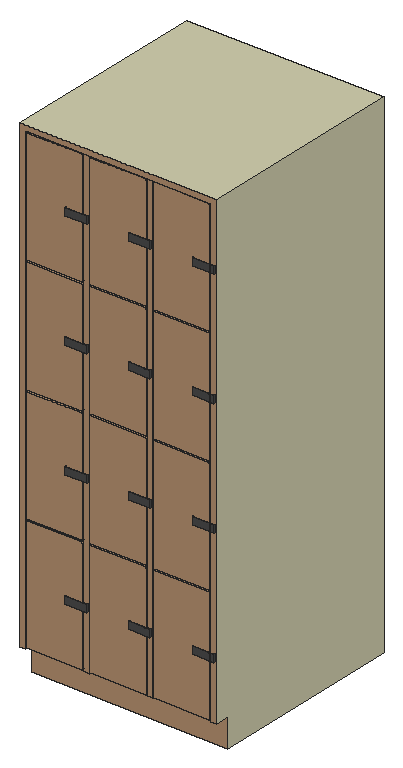
Revit family "Cabinet_Wenger_UltraStor_26", category Furniture, Revit 2015
Parameters (values of type "UltraStor Cabinet #26 - Comp Wood Doors")
  URL = "https://www.wengercorp.com/"
  Type Comments = ""
  Specification = "http://www.arcat.com/sdspecs/htm04/12_35_83wen.htm"
  Shelf Thickness = 0' - 1 1/8"
  Sales Information = "https://www.wengercorp.com/contact-us.php"
  Revision = "R1_2018-04"
  Rear Panel Thickness = 0' - 0 3/4"
  Product Data = "http://www.arcat.com/arcatcos/cos36/arc36487.html"
  Manufacturer Website = "https://www.wengercorp.com/"
  Manufacturer Phone - Toll Free = "800-4WENGER"
  Manufacturer Phone = "(507) 455-4100"
  Manufacturer Fax = "(507) 455-4258"
  Manufacturer Address = "555 Park Dr., Owatonna, MN 55060"
  Keynote = "12 35 83"
  HasDoors = yes
  Green Building-LEED = "http://www.arcat.com/green/clients/leed_data_36487.html"
  Drawn By = "Sumex Design, Inc. / Robert S. Weygant, CSI, CDT, SCIP"
  Door Width = (Cabinet Width - 0' 3") / 3  # 0' - 8.16667"
  Door Style = Door_Base : Solid Door
  Door Material [instance] = Wenger Cherry (Use Cherry Edge Band Only)
  Door Height = (Cabinet Height - 0' 4 3/4") / 4  # 1' - 4 1/4"
  Toe Kick Material [instance] = Wenger Cherry (Use Cherry Edge Band Only)
  RH End Panel [instance] = no
  Model = "#26"
  Manufacturer = "Wenger Corporation"
  LH End Panel [instance] = no
  End Panel Material [instance] = Wenger Cherry (Use Cherry Edge Band Only)
  Edge Banding Material [instance] = Wenger Cherry (Use Cherry Edge Band Only)
  Cost = 0
  Copyright = "© 2018 Arcat Inc."
  Construction Details = "http://www.arcat.com/details/wengerco/wengerco.html?coid=36487"
  Body Material [instance] = Wenger - Oyster
  Description = "Wenger UltraStor Cabinet #26 - Comp Wood Doors"
  Cabinet Width = 2' - 3 1/2"
  Cabinet Height = 5' - 9 3/4"
  Installed Depth = 2' - 5 1/4"
  Cabinet Panel Thickness = 0' - 0 3/4"
  Assembly Code = "E2010200"
Types (14): name | Rear Panel Thickness | HasDoors | Door Width | Door Style | Door Material | Model | Description | Cabinet Width | Installed Depth
  Acoustic Cabinet #26 - No Doors | 0' - 3 1/4" | no | 0' - 8.16667" | Door_Base : Solid Door | none | "#26A" | "Wenger Acoustic Cabinet #26 - No Doors" | 2' - 3 1/2" | 2' - 7 3/4"
  Narrow Acoustic Cabinet #26 - No Doors | 0' - 3 1/4" | no | 0' - 6.16667" | Door_Base : Solid Door | none | "#26NA" | "Wenger Narrow Acoustic Cabinet #26 - No Doors" | 1' - 9 1/2" | 2' - 7 3/4"
  Acoustic Cabinet #26 - Comp Waterfall Grille Doors | 0' - 3 1/4" | yes | 0' - 8.16667" | Door_Base : Waterfall | Painted Black | "#26A" | "Wenger Acoustic Cabinet #26 - Comp Waterfall Grille Doors" | 2' - 3 1/2" | 2' - 7 3/4"
  Acoustic Cabinet #26 - Comp Grille Doors | 0' - 3 1/4" | yes | 0' - 8.16667" | Door_Base : Bars | Painted Black | "#26A" | "Wenger Acoustic Cabinet #26 - Comp Grille Doors" | 2' - 3 1/2" | 2' - 7 3/4"
  Narrow Acoustic Cabinet #26 - Comp Waterfall Grille Doors | 0' - 3 1/4" | yes | 0' - 6.16667" | Door_Base : Waterfall | Painted Black | "#26NA" | "Wenger Narrow Acoustic Cabinet #26 - Comp Waterfall Grille Doors" | 1' - 9 1/2" | 2' - 7 3/4"
  Narrow Acoustic Cabinet #26 - Comp Grille Doors | 0' - 3 1/4" | yes | 0' - 6.16667" | Door_Base : Bars | Painted Black | "#26NA" | "Wenger Narrow Acoustic Cabinet #26 - Comp Grille Doors" | 1' - 9 1/2" | 2' - 7 3/4"
  Narrow UltraStor Cabinet #26 - Comp Wood Doors | 0' - 0 3/4" | yes | 0' - 6.16667" | Door_Base : Solid Door | Wenger Cherry (Use Cherry Edge Band Only) | "#26N" | "Wenger Narrow Cabinet #26 - Comp Wood Doors" | 1' - 9 1/2" | 2' - 5 1/4"
  UltraStor Cabinet #26 - Comp Waterfall Grille Doors | 0' - 0 3/4" | yes | 0' - 8.16667" | Door_Base : Waterfall | Painted Black | "#26" | "Wenger UltraStor Cabinet #26 - Comp Waterfall Grille Doors" | 2' - 3 1/2" | 2' - 5 1/4"
  UltraStor Cabinet #26 - No Doors | 0' - 0 3/4" | no | 0' - 8.16667" | Door_Base : Solid Door | none | "#26" | "Wenger UltraStor Cabinet #26 - No Doors" | 2' - 3 1/2" | 2' - 5 1/4"
  Narrow UltraStor Cabinet #26 - No Doors | 0' - 0 3/4" | no | 0' - 6.16667" | Door_Base : Solid Door | none | "#26N" | "Wenger Narrow Cabinet #26 - No Doors" | 1' - 9 1/2" | 2' - 5 1/4"
  Narrow UltraStor Cabinet #26 - Comp Waterfall Grille Doors | 0' - 0 3/4" | yes | 0' - 6.16667" | Door_Base : Waterfall | Painted Black | "#26N" | "Wenger Narrow Cabinet #26 - Comp Waterfall Grille Doors" | 1' - 9 1/2" | 2' - 5 1/4"
  Narrow UltraStor Cabinet #26 - Comp Grille Doors | 0' - 0 3/4" | yes | 0' - 6.16667" | Door_Base : Bars | Painted Black | "#26N" | "Wenger Narrow Cabinet #26 - Comp Grille Doors" | 1' - 9 1/2" | 2' - 5 1/4"
  UltraStor Cabinet #26 - Comp Wood Doors | 0' - 0 3/4" | yes | 0' - 8.16667" | Door_Base : Solid Door | Wenger Cherry (Use Cherry Edge Band Only) | "#26" | "Wenger UltraStor Cabinet #26 - Comp Wood Doors" | 2' - 3 1/2" | 2' - 5 1/4"
  UltraStor Cabinet #26 - Comp Grille Doors | 0' - 0 3/4" | yes | 0' - 8.16667" | Door_Base : Bars | Painted Black | "#26" | "Wenger UltraStor Cabinet #26 - Comp Grille Doors" | 2' - 3 1/2" | 2' - 5 1/4"
Reference planes (in)
  plane 1 "Front": y = 0
  plane 2: z = 0
  plane 3 "Left": x = 0
  plane 4 "Right": x = 27.5
  plane 5 "Back": y = 29.25
  plane 6 "Top": z = 69.75
  plane 7: z = 4
  plane 8: z = 20.25
  plane 9: z = 36.5
  plane 10: z = 52.75
  plane 11: x = 0.75
  plane 12: x = 26.75
  plane 13: z = 69
  plane 14: x = 8.91667
  plane 15: x = 9.66667
  plane 16: x = 17.83333
  plane 17: x = 18.58333
  plane 18: y = 28.5
  plane 19: y = 2
  plane 20: y = 0.75
  plane 21: z = 21.375
  plane 22: z = 37.625
  plane 23: z = 53.875
  plane 24: z = 5.125
Forms (in)
  Extrusion 1, solid, material "Wenger - Oyster" <- "Body Material"
    sketch origin (0, 0, 0) x (0, 1, 0) y (0, 0, 1)
      loop
        line (0, 69.75) -> (0, 4) -> (2, 4) -> (2, 0) -> (29.25, 0) -> (29.25, 69.75) -> (0, 69.75)
    from 0 to 27.5
  Extrusion 2, void
    sketch origin (0, 0, 0) x (0, 1, 0) y (0, 0, 1)
      loop
        line (0, 69) -> (0, 4) -> (0.75, 4)
        arc (0.75, 4) -> (1.15915, 4.80234) -> (2, 5.125) r 1.25694
        line (2, 5.125) -> (28.5, 5.125) -> (28.5, 20.25) -> (0.13105, 20.25)
        arc (0.13105, 20.25) -> (1.06124, 21.02491) -> (2.22019, 21.375) r 3.03781
        line (2.22019, 21.375) -> (28.5, 21.375) -> (28.5, 36.5) -> (1.42326, 36.5)
        arc (1.42326, 36.5) -> (1.12864, 37.18076) -> (1.72267, 37.625) r 0.59834
        line (1.72267, 37.625) -> (28.5, 37.625) -> (28.5, 52.75) -> (0.75, 52.75)
        arc (0.75, 52.75) -> (0.76505, 53.55555) -> (1.50469, 53.875) r 0.74395
        line (1.50469, 53.875) -> (28.5, 53.875) -> (28.5, 69) -> (0, 69)
    from 0.75 to 8.91667
  Extrusion 3, void
    sketch origin (0, 0, 0) x (0, 1, 0) y (0, 0, 1)
      loop
        line (0, 69) -> (0, 4) -> (0.75, 4)
        arc (0.75, 4) -> (1.18296, 4.77588) -> (2, 5.125) r 1.375
        line (2, 5.125) -> (28.5, 5.125) -> (28.5, 20.25) -> (0.75, 20.25)
        arc (0.75, 20.25) -> (1.18296, 21.02588) -> (2, 21.375) r 1.375
        line (2, 21.375) -> (28.5, 21.375) -> (28.5, 36.5) -> (0.75, 36.5)
        arc (0.75, 36.5) -> (1.18296, 37.27588) -> (2, 37.625) r 1.375
        line (2, 37.625) -> (28.5, 37.625) -> (28.5, 52.75) -> (0.75, 52.75)
        arc (0.75, 52.75) -> (1.18296, 53.52588) -> (2, 53.875) r 1.375
        line (2, 53.875) -> (28.5, 53.875) -> (28.5, 69) -> (0, 69)
    from 9.66667 to 17.83333
  Extrusion 4, void
    sketch origin (0, 0, 0) x (0, 1, 0) y (0, 0, 1)
      loop
        line (-5.5, 69) -> (-5.5, 4) -> (0.75, 4)
        arc (0.75, 4) -> (1.18296, 4.77588) -> (2, 5.125) r 1.375
        line (2, 5.125) -> (28.5, 5.125) -> (28.5, 20.25) -> (0.75, 20.25)
        arc (0.75, 20.25) -> (1.18296, 21.02588) -> (2, 21.375) r 1.375
        line (2, 21.375) -> (28.5, 21.375) -> (28.5, 36.5) -> (0.75, 36.5)
        arc (0.75, 36.5) -> (1.18296, 37.27588) -> (2, 37.625) r 1.375
        line (2, 37.625) -> (28.5, 37.625) -> (28.5, 52.75) -> (0.75, 52.75)
        arc (0.75, 52.75) -> (1.18296, 53.52588) -> (2, 53.875) r 1.375
        line (2, 53.875) -> (28.5, 53.875) -> (28.5, 69) -> (-5.5, 69)
    from 18.58333 to 26.75
  Extrusion 5, void
    sketch origin (0, 0, 0) x (0, 1, 0) y (0, 0, 1)
      loop
        line (0, 69) -> (0, 4) -> (0.0625, 4) -> (0.0625, 69) -> (0, 69)
    from 0.75 to 26.75
Cuts and joins
  Extrusion 2, Extrusion 3, Extrusion 4, Extrusion 5 cuts Extrusion 1
Lines and regions (in)
  Masking region 1
    outline origin (0, 0, 0) x (1, 0, 0) y (0, 1, 0)
      loop
        line (0, 29.25) -> (0, 0) -> (27.5, 0) -> (27.5, 29.25) -> (0, 29.25)
Dimensions and locks (in)
  "Cabinet Panel Thickness": plane 3 "Left" to plane 11
  "Cabinet Panel Thickness": plane 12 to plane 4 "Right"
  "Cabinet Panel Thickness": plane 5 "Back" to plane 18
  locked: plane 1 "Front" to plane 20 at 0.75
  locked: plane 1 "Front" to plane 19 at 2
  "Shelf Thickness": plane 21 to plane 8
  "Shelf Thickness": plane 22 to plane 9
  "Shelf Thickness": plane 23 to plane 10
  "Cabinet Panel Thickness": plane 6 "Top" to plane 13
  "Shelf Thickness": plane 24 to plane 7
  "Cabinet Width": plane 3 "Left" to plane 4 "Right"
  locked: plane 7 to level at 4
  "Cabinet Height": plane 6 "Top" to level
  "Installed Depth": plane 1 "Front" to plane 5 "Back"
  "Door Width": plane 14 to plane 11
  "Door Width": plane 16 to plane 15
  "Door Width": plane 12 to plane 17
  plane 3 "Left" to plane 4 "Right" = 2' - 3 1/2"
  locked: plane 17 to plane 16 at 0.75
  equal spacing: plane 15, nested 2, plane 16
  equal spacing: plane 5 "Back", nested 2, plane 1 "Front"
  equal spacing: plane 13, plane 10, plane 9, plane 8, plane 7
  aligned and locked: Extrusion 1 sketch curve to plane 6 "Top"
  aligned and locked: Extrusion 1 sketch curve to plane 5 "Back"
  aligned and locked: Extrusion 1 sketch curve to plane 1 "Front"
  aligned and locked: Extrusion 1 sketch curve to plane 7
  aligned and locked: Extrusion 1 sketch curve to plane 19
  aligned and locked: Extrusion 1 sketch curve to level
  aligned and locked: Extrusion 1 to plane 4 "Right"
  aligned and locked: Extrusion 1 to plane 3 "Left"
  aligned and locked: Extrusion 2 sketch curve to plane 13
  aligned and locked: Extrusion 2 sketch curve to plane 18
  aligned and locked: Extrusion 2 sketch curve to plane 10
  aligned and locked: Extrusion 2 sketch curve to plane 22
  aligned and locked: Extrusion 2 sketch curve to plane 9
  aligned and locked: Extrusion 2 sketch curve to plane 21
  aligned and locked: Extrusion 2 sketch curve to plane 8
  aligned and locked: Extrusion 2 sketch curve to plane 24
  aligned and locked: Extrusion 2 sketch curve to plane 23
  aligned and locked: Extrusion 2 to plane 11
  aligned and locked: plane 14 to Extrusion 2
  aligned and locked: plane 16 to Extrusion 3
  aligned and locked: Extrusion 3 to plane 15
  aligned and locked: Extrusion 4 to plane 12
  aligned and locked: Extrusion 4 to plane 17
  aligned and locked: Extrusion 5 sketch curve to cut or joined group of Extrusion 1, Extrusion 2, Extrusion 3, Extrusion 4, Extrusion 5  (x3)
  aligned and locked: Extrusion 5 to plane 12
  aligned and locked: Extrusion 5 to plane 11
  aligned and locked: nested 3 to plane 11
  aligned and locked: plane 14 to nested 3
  aligned and locked: nested 3 to plane 10
  aligned and locked: nested 4 to plane 10
  aligned and locked: nested 4 to plane 15
  aligned and locked: plane 16 to nested 4
  aligned and locked: cut or joined group of Extrusion 1, Extrusion 2, Extrusion 3, Extrusion 4, Extrusion 5 to plane 17
  aligned and locked: cut or joined group of Extrusion 1, Extrusion 2, Extrusion 3, Extrusion 4, Extrusion 5 to plane 12
  aligned and locked: nested 5 to plane 10
  aligned and locked: plane 10 to cut or joined group of Extrusion 1, Extrusion 2, Extrusion 3, Extrusion 4, Extrusion 5  (x2)
  aligned and locked: nested 8 to plane 9
  aligned and locked: nested 7 to plane 9
  aligned and locked: nested 6 to plane 9
  aligned and locked: plane 9 to cut or joined group of Extrusion 1, Extrusion 2, Extrusion 3, Extrusion 4, Extrusion 5
  aligned and locked: nested 9 to plane 8
  aligned and locked: nested 10 to plane 8
  aligned and locked: nested 11 to plane 8
  aligned and locked: nested 14 to plane 12
  aligned and locked: nested 11 to plane 12
  aligned and locked: nested 8 to plane 12
  aligned and locked: nested 5 to plane 12
  aligned and locked: nested 5 to plane 17
  aligned and locked: nested 8 to plane 17
  aligned and locked: nested 11 to plane 17
  aligned and locked: nested 14 to plane 17
  aligned and locked: plane 16 to cut or joined group of Extrusion 1, Extrusion 2, Extrusion 3, Extrusion 4, Extrusion 5
  aligned and locked: plane 16 to nested 10
  aligned and locked: plane 16 to nested 7
  aligned and locked: nested 10 to plane 15
  aligned and locked: nested 7 to plane 15
  aligned and locked: nested 13 to plane 15
  aligned and locked: plane 14 to nested 12
  aligned and locked: plane 14 to nested 9
  aligned and locked: plane 14 to nested 6
  aligned and locked: nested 6 to plane 11
  aligned and locked: nested 9 to plane 11
  aligned and locked: nested 12 to plane 11
  aligned and locked: plane 7 to cut or joined group of Extrusion 1, Extrusion 2, Extrusion 3, Extrusion 4, Extrusion 5
  aligned and locked: nested 13 to plane 7
  aligned and locked: nested 14 to plane 7
  aligned and locked: nested 12 to plane 7
  aligned and locked: plane 20 to Extrusion 2 sketch curve
  aligned and locked: plane 1 "Front" to nested 15
  aligned and locked: nested 15 to level
  aligned and locked: nested 15 to plane 4 "Right"
  aligned and locked: Masking region 1 sketch curve to plane 5 "Back"
  aligned and locked: Masking region 1 sketch curve to plane 1 "Front"
  aligned and locked: plane 3 "Left" to Masking region 1 sketch curve
  aligned and locked: plane 4 "Right" to Masking region 1 sketch curve
  aligned and locked: plane 1 "Front" to Extrusion 2
  aligned and locked: plane 1 "Front" to Extrusion 3
Automatic sketch dimensions
  Extrusion 3 sketch curve to plane 13 = 0' - 0"
  Extrusion 3 sketch curve to plane 7 = 0' - 0"
  Extrusion 3 sketch curve to plane 20 = 0' - 0"  (x4)
  Extrusion 3 sketch curve to plane 10 = 0' - 0"
  Extrusion 3 sketch curve to plane 8 = 0' - 0"
  Extrusion 3 sketch curve to plane 9 = 0' - 0"
  Extrusion 3 sketch curve to plane 19 = 0' - 0"  (x4)
  Extrusion 3 sketch curve to plane 18 = 0' - 0"  (x4)
  Extrusion 3 sketch curve to plane 24 = 0' - 0"
  Extrusion 3 sketch curve to plane 21 = 0' - 0"
  Extrusion 3 sketch curve to plane 22 = 0' - 0"
  Extrusion 3 sketch curve to plane 23 = 0' - 0"
  plane 1 "Front" to Extrusion 3 sketch curve = 0' - 0"
  Extrusion 3 sketch curve to plane 19 = 0' - 0.10279"  (x4)
  Extrusion 4 sketch curve to plane 13 = 0' - 0"
  Extrusion 4 sketch curve to plane 7 = 0' - 0"
  Extrusion 4 sketch curve to plane 20 = 0' - 0"  (x4)
  Extrusion 4 sketch curve to plane 10 = 0' - 0"
  Extrusion 4 sketch curve to plane 8 = 0' - 0"
  Extrusion 4 sketch curve to plane 9 = 0' - 0"
  Extrusion 4 sketch curve to plane 19 = 0' - 0"  (x4)
  Extrusion 4 sketch curve to plane 18 = 0' - 0"  (x4)
  Extrusion 4 sketch curve to plane 24 = 0' - 0"
  Extrusion 4 sketch curve to plane 21 = 0' - 0"
  Extrusion 4 sketch curve to plane 22 = 0' - 0"
  Extrusion 4 sketch curve to plane 23 = 0' - 0"
  plane 1 "Front" to Extrusion 4 sketch curve = 0' - 5 1/2"
  Extrusion 4 sketch curve to plane 19 = 0' - 0.10279"  (x4)
  plane 20 to Extrusion 5 sketch curve = 0' - 0 11/16"
  Extrusion 2 sketch curve to plane 7 = 0' - 0"
  plane 20 to Extrusion 2 sketch curve = 0' - 0.61895"
  Extrusion 2 sketch curve to plane 19 = 0' - 0"
  Extrusion 2 sketch curve to plane 19 = 0' - 0.22019"
  Extrusion 2 sketch curve to plane 18 = 0' - 0"  (x3)
  plane 1 "Front" to Extrusion 2 sketch curve = 0' - 0"
  Extrusion 2 sketch curve to plane 19 = 0' - 0.50154"
  Extrusion 2 sketch curve to plane 20 = 0' - 0"
  Extrusion 2 sketch curve to plane 20 = 0' - 0.67326"
  plane 19 to Extrusion 2 sketch curve = 0' - 0 71/256"
  plane 19 to Extrusion 2 sketch curve = 0' - 0.49531"
  plane 19 to Extrusion 2 sketch curve = 0' - 0.61714"
  plane 19 to Extrusion 2 sketch curve = 0' - 0.29314"
Nested families (in)
  nested 1: "End Panel" at (0, 14.25, 0) x (0, -1, 0) z (0, 0, 1), End Panel Material <- "End Panel Material", visible <- "LH End Panel", Edge Banding Material <- "Edge Banding Material", type "End Panel"
    with End Panel Material Wenger Cherry (Use Cherry Edge Band Only), Edge Banding Material Wenger Cherry (Use Cherry Edge Band Only), End Panel Height 5' - 9 3/4", End Panel Depth 2' - 5 1/4"
  nested 2: "Labels" at (13.75, 14.625, 0), type "Labels"
  nested 3: "Door_Base" at (4.83333, 0, 52.75) x (1, 0, 0) z (0, -1, 0), type <- "Door Style", Height <- "Door Height", Width <- "Door Width", visible <- "HasDoors", type "Solid Door", detail levels medium+fine
    with vBars 6, Width 0' - 8.16667", ToeKick Height 0' - 4", MidBar no, Height 1' - 4 1/4", BarHt 1' - 3 3/4", 2HzBars no
  nested 4: "Door_Base" at (13.75, 0, 52.75) x (1, 0, 0) z (0, -1, 0), type <- "Door Style", Height <- "Door Height", Width <- "Door Width", visible <- "HasDoors", type "Solid Door", detail levels medium+fine
    with vBars 6, Width 0' - 8.16667", ToeKick Height 0' - 4", MidBar no, Height 1' - 4 1/4", BarHt 1' - 3 3/4", 2HzBars no
  nested 5: "Door_Base" at (22.66667, 0, 52.75) x (1, 0, 0) z (0, -1, 0), type <- "Door Style", Height <- "Door Height", Width <- "Door Width", visible <- "HasDoors", type "Solid Door", detail levels medium+fine
    with vBars 6, Width 0' - 8.16667", ToeKick Height 0' - 4", MidBar no, Height 1' - 4 1/4", BarHt 1' - 3 3/4", 2HzBars no
  nested 6: "Door_Base" at (4.83333, 0, 36.5) x (1, 0, 0) z (0, -1, 0), type <- "Door Style", Height <- "Door Height", Width <- "Door Width", visible <- "HasDoors", type "Solid Door", detail levels medium+fine
    with vBars 6, Width 0' - 8.16667", ToeKick Height 0' - 4", MidBar no, Height 1' - 4 1/4", BarHt 1' - 3 3/4", 2HzBars no
  nested 7: "Door_Base" at (13.75, 0, 36.5) x (1, 0, 0) z (0, -1, 0), type <- "Door Style", Height <- "Door Height", Width <- "Door Width", visible <- "HasDoors", type "Solid Door", detail levels medium+fine
    with vBars 6, Width 0' - 8.16667", ToeKick Height 0' - 4", MidBar no, Height 1' - 4 1/4", BarHt 1' - 3 3/4", 2HzBars no
  nested 8: "Door_Base" at (22.66667, 0, 36.5) x (1, 0, 0) z (0, -1, 0), type <- "Door Style", Height <- "Door Height", Width <- "Door Width", visible <- "HasDoors", type "Solid Door", detail levels medium+fine
    with vBars 6, Width 0' - 8.16667", ToeKick Height 0' - 4", MidBar no, Height 1' - 4 1/4", BarHt 1' - 3 3/4", 2HzBars no
  nested 9: "Door_Base" at (4.83333, 0, 20.25) x (1, 0, 0) z (0, -1, 0), type <- "Door Style", Height <- "Door Height", Width <- "Door Width", visible <- "HasDoors", type "Solid Door", detail levels medium+fine
    with vBars 6, Width 0' - 8.16667", ToeKick Height 0' - 4", MidBar no, Height 1' - 4 1/4", BarHt 1' - 3 3/4", 2HzBars no
  nested 10: "Door_Base" at (13.75, 0, 20.25) x (1, 0, 0) z (0, -1, 0), type <- "Door Style", Height <- "Door Height", Width <- "Door Width", visible <- "HasDoors", type "Solid Door", detail levels medium+fine
    with vBars 6, Width 0' - 8.16667", ToeKick Height 0' - 4", MidBar no, Height 1' - 4 1/4", BarHt 1' - 3 3/4", 2HzBars no
  nested 11: "Door_Base" at (22.66667, 0, 20.25) x (1, 0, 0) z (0, -1, 0), type <- "Door Style", Height <- "Door Height", Width <- "Door Width", visible <- "HasDoors", type "Solid Door", detail levels medium+fine
    with vBars 6, Width 0' - 8.16667", ToeKick Height 0' - 4", MidBar no, Height 1' - 4 1/4", BarHt 1' - 3 3/4", 2HzBars no
  nested 12: "Door_Base" at (4.83333, 0, 4) x (1, 0, 0) z (0, -1, 0), type <- "Door Style", Height <- "Door Height", Width <- "Door Width", visible <- "HasDoors", type "Solid Door", detail levels medium+fine
    with vBars 6, Width 0' - 8.16667", ToeKick Height 0' - 4", MidBar no, Height 1' - 4 1/4", BarHt 1' - 3 3/4", 2HzBars no
  nested 13: "Door_Base" at (13.75, 0, 4) x (1, 0, 0) z (0, -1, 0), type <- "Door Style", Height <- "Door Height", Width <- "Door Width", visible <- "HasDoors", type "Solid Door", detail levels medium+fine
    with vBars 6, Width 0' - 8.16667", ToeKick Height 0' - 4", MidBar no, Height 1' - 4 1/4", BarHt 1' - 3 3/4", 2HzBars no
  nested 14: "Door_Base" at (22.66667, 0, 4) x (1, 0, 0) z (0, -1, 0), type <- "Door Style", Height <- "Door Height", Width <- "Door Width", visible <- "HasDoors", type "Solid Door", detail levels medium+fine
    with vBars 6, Width 0' - 8.16667", ToeKick Height 0' - 4", MidBar no, Height 1' - 4 1/4", BarHt 1' - 3 3/4", 2HzBars no
  nested 15: "End Panel" at (28.25, 14.25, 0) x (0, -1, 0) z (0, 0, 1), End Panel Material <- "End Panel Material", Edge Banding Material <- "Edge Banding Material", visible <- "RH End Panel", type "End Panel"
    with End Panel Material Wenger Cherry (Use Cherry Edge Band Only), Edge Banding Material Wenger Cherry (Use Cherry Edge Band Only), End Panel Height 5' - 9 3/4", End Panel Depth 2' - 5 1/4"
Definition of nested family "End Panel"
  Parameters (values of type "End Panel")
    End Panel Material [instance] = none
    End Panel Height = 7' - 1 5/8"
    End Panel Depth = 1' - 9 3/4"
    Edge Banding Material [instance] = none
    Default Elevation = 4' - 0"
    Assembly Code = ""
  Reference planes (in)
    plane 1 "Center (Front/Back)": y = 0
    plane 2: z = 0
    plane 3 "Center (Left/Right)": x = 0
    plane 4: x = -15
    plane 5: x = 6.75
    plane 6: z = 4
    plane 7: x = 4.75
    plane 8: z = 85.625
    plane 9: y = -0.75
  Forms (in)
    Extrusion 1, solid, material <- "End Panel Material"
      sketch origin (0, 0, 0) x (1, 0, 0) y (0, 0, 1)
        loop
          line (-15, 85.625) -> (-15, 0) -> (4.75, 0) -> (4.75, 4) -> (6.75, 4) -> (6.75, 85.625) -> (-15, 85.625)
      from 0 to 0.75
  Lines and regions (in)
    Masking region 1, detail levels coarse+medium
      outline origin (0, 0, 0) x (1, 0, 0) y (0, 1, 0)
        loop
          line (-15, 0) -> (-15, -0.75) -> (6.75, -0.75) -> (6.75, 0) -> (-15, 0)
  Dimensions and locks (in)
    locked: plane 7 to plane 5 at 2
    locked: plane 6 to level at 4
    "End Panel Height": plane 8 to level
    "End Panel Depth": plane 5 to plane 4
    locked: plane 9 to plane 1 "Center (Front/Back)" at 0.75
    aligned and locked: plane 4 to Extrusion 1 sketch curve
    aligned and locked: level to Extrusion 1 sketch curve
    aligned and locked: plane 7 to Extrusion 1 sketch curve
    aligned and locked: plane 6 to Extrusion 1 sketch curve
    aligned and locked: Extrusion 1 sketch curve to plane 5
    aligned and locked: Extrusion 1 sketch curve to plane 8
    aligned and locked: Extrusion 1 to plane 9
    aligned and locked: Extrusion 1 to plane 1 "Center (Front/Back)"
    aligned and locked: plane 4 to Masking region 1 sketch curve
    aligned and locked: Masking region 1 sketch curve to plane 5
    aligned and locked: plane 1 "Center (Front/Back)" to Masking region 1 sketch curve
    aligned and locked: plane 9 to Masking region 1 sketch curve
Definition of nested family "Door_Base"
  Parameters (values of type "None")
    vBars [instance] = (Width - 0' 2") / 0' 1"  # 6
    Width [instance] = 0' - 8"
    ToeKick Height [instance] = 0' - 4"
    Thickness = 0' - 0 3/4"
    Solid Door = no
    Shelf Thickness = 0' - 0 3/4"
    Panel Thickness = 0' - 0 3/4"
    MidBar [instance] = and(Height < 1' 6", HasDoor, not(Solid Door))  # no
    Height [instance] = 1' - 2 5/8"
    HasDoor = no
    Edge Banding = none
    DoorGap = 0' - 0 1/8"
    Door Finish = none
    Depth = 2' - 0"
    Default Elevation = 4' - 0"
    Bars = no
    BarStyle = Bars : Waterfall
    BarHt [instance] = Height - 0' 0 1/2"  # 1' - 2 1/8"
    2HzBars [instance] = and(Height > 1' 6", not(Solid Door))  # no
  Types (4): name | Thickness | Solid Door | MidBar | HasDoor | Bars | BarStyle
    Solid Door | 0' - 0 3/4" | yes | no | yes | no | Bars : Waterfall
    Bars | 0' - 0 1/4" | no | yes | yes | yes | Bars : Straight
    Waterfall | 0' - 0 3/4" | no | yes | yes | yes | Bars : Waterfall
    None | 0' - 0 3/4" | no | no | no | no | Bars : Waterfall
  Reference planes (in)
    plane 1 "Center (Front/Back)": y = 0
    plane 2: z = 0
    plane 3 "Center (Left/Right)": x = 0
    plane 4: x = -4
    plane 5: y = 14.625
    plane 6: x = 4
    plane 7: z = -0.75
    plane 8: x = -3.875
    plane 9: x = 3.875
    plane 10: y = 0.125
    plane 11: y = 14.5
    plane 12: y = -0.75
    plane 13 "CL Elev": y = 7.3125
    plane 14: x = -3.75
    plane 15: x = 3.75
    plane 16 "BtmRail": y = 0.25
    plane 17: y = 14.375
    plane 18: z = -0.125
    plane 19: x = -2.75
    plane 20: x = 2.75
    plane 21: y = 9.66667
    plane 22: y = 4.95833
  Forms (in)
    Extrusion 1, solid, material <- "Door Finish", visible <- "Solid Door", detail levels medium+fine
      sketch origin (0, 0, 0) x (1, 0, 0) y (0, 1, 0)
        loop
          arc (-3.75, 14.5) -> (-3.83839, 14.46339) -> (-3.875, 14.375) r 0.125
          line (-3.875, 14.375) -> (-3.875, 0.25)
          arc (-3.875, 0.25) -> (-3.83839, 0.16161) -> (-3.75, 0.125) r 0.125
          line (-3.75, 0.125) -> (3.75, 0.125)
          arc (3.75, 0.125) -> (3.83839, 0.16161) -> (3.875, 0.25) r 0.125
          line (3.875, 0.25) -> (3.875, 14.375)
          arc (3.875, 14.375) -> (3.83839, 14.46339) -> (3.75, 14.5) r 0.125
          line (3.75, 14.5) -> (-3.75, 14.5)
      from 0 to -0.75
    Sweep 2, solid, material <- "Door Finish", visible <- "Bars", detail levels medium+fine
      path origin (0, 0, 0) x (1, 0, 0) y (0, 1, 0)
        loop
          arc (-3.125, 14.5) -> (-3.65533, 14.28033) -> (-3.875, 13.75) r 0.75
          line (-3.875, 13.75) -> (-3.875, 0.875)
          arc (-3.875, 0.875) -> (-3.65533, 0.34467) -> (-3.125, 0.125) r 0.75
          line (-3.125, 0.125) -> (3.125, 0.125)
          arc (3.125, 0.125) -> (3.65533, 0.34467) -> (3.875, 0.875) r 0.75
          line (3.875, 0.875) -> (3.875, 13.75)
          arc (3.875, 13.75) -> (3.65533, 14.28033) -> (3.125, 14.5) r 0.75
          line (3.125, 14.5) -> (-3.125, 14.5)
      profile origin (0, 14.5, 0) x (0, 1, 0) y (0, 0, 1)
        loop
          circle (-0.125, -0.125) r 0.125
    Extrusion 3, solid, material <- "Door Finish", visible <- "MidBar", detail levels medium+fine
      sketch origin (0, 0, 0) x (0, 1, 0) y (0, 0, 1)
        loop
          circle (7.3125, -0.125) r 0.125
      from -3.75 to 3.75
    Extrusion 4, solid, visible <- "HasDoor", detail levels fine
      sketch origin (0, 0, 0) x (1, 0, 0) y (0, 1, 0)
        loop
          line (1.5, 7.8125) -> (1.5, 6.8125) -> (4.5, 6.8125) -> (4.5, 7.8125) -> (1.5, 7.8125)
      from 0 to 0.125
    Extrusion 5, solid, material <- "Door Finish", visible <- "2HzBars", detail levels medium+fine
      sketch origin (0, 0, 0) x (0, 1, 0) y (0, 0, 1)
        loop
          circle (9.66667, -0.125) r 0.125
        loop
          circle (4.95833, -0.125) r 0.125
      from -3.75 to 3.75
  Lines and regions (in)
    symbolic lines, visible <- "HasDoor", detail levels medium+fine
      curve 1: line (4, 0.25, 0) -> (-4, 0.25, 0)
      curve 2: line (-4, 0.25, 0) -> (-4, 0.25, 8)
      curve 3: arc (4, 0.25, 0) -> (1.65685, 0.25, 5.65685) -> (-4, 0.25, 8) r 8
    symbolic lines, visible <- "HasDoor"
      curve 4: line (3.875, 0.25, 0) -> (3.875, 0.25, -0.75)
      curve 5: line (3.875, 0.25, -0.75) -> (-3.875, 0.25, -0.75)
      curve 6: line (-3.875, 0.25, -0.75) -> (-3.875, 0.25, 0)
    symbolic lines, detail levels medium
      curve 7: line (3.875, 14.5, 0) -> (-3.875, 7.3125, 0)
      curve 8: line (-3.875, 7.3125, 0) -> (3.875, 0.125, 0)
  Dimensions and locks (in)
    "Height": plane 1 "Center (Front/Back)" to plane 5
    "Thickness": level to plane 7
    equal spacing: plane 4, plane 3 "Center (Left/Right)", plane 6
    "Width": plane 4 to plane 6
    "DoorGap": plane 5 to plane 11
    "DoorGap": plane 9 to plane 6
    "DoorGap": plane 4 to plane 8
    "DoorGap": plane 1 "Center (Front/Back)" to plane 10
    "Shelf Thickness": plane 1 "Center (Front/Back)" to plane 12
    equal spacing: plane 1 "Center (Front/Back)", plane 13 "CL Elev", plane 5
    locked: plane 15 to plane 9 at 0.125
    locked: plane 8 to plane 14 at 0.125
    locked: plane 11 to plane 17 at 0.125
    locked: plane 16 "BtmRail" to plane 10 at 0.125
    locked: level to plane 18 at 0.125
    plane 19 to plane 14 = 0' - 1"
    locked: plane 15 to plane 20 at 1
    Extrusion 4 sketch curve to plane 13 "CL Elev" to Extrusion 4 sketch curve = 0' - 0 1/2" locked, 0' - 0 1/2" locked
    locked: plane 6 to Extrusion 4 sketch curve at 0.5
    locked: Extrusion 4 sketch curve to plane 6 at 2.5
    locked: Extrusion 4 to level at 0.125
    equal spacing: group 1, group 3, group 4, group 5, group 6, group 2  (x3)
    equal spacing: plane 17, plane 21, plane 22, plane 16 "BtmRail"
    "Width": radius of curve 3
    aligned and locked: plane 2 to level
    aligned and locked: Extrusion 1 sketch curve to plane 11
    aligned and locked: plane 8 to Extrusion 1 sketch curve
    aligned and locked: Extrusion 1 sketch curve to plane 9
    aligned and locked: plane 10 to Extrusion 1 sketch curve
    aligned and locked: Extrusion 1 to plane 7
    aligned and locked: level to Extrusion 1
    aligned and locked: Sweep 2 sketch curve to plane 11
    aligned and locked: plane 8 to Sweep 2 sketch curve
    aligned and locked: plane 10 to Sweep 2 sketch curve
    aligned and locked: Sweep 2 sketch curve to plane 9
    aligned and locked: plane 15 to Extrusion 3
    aligned and locked: Extrusion 3 to plane 14
    aligned and locked: plane 20 to nested 2
    aligned and locked: plane 19 to nested 1
    aligned and locked: plane 21 to Extrusion 5 sketch curve
    aligned and locked: plane 18 to Extrusion 5 sketch curve  (x2)
    aligned and locked: plane 22 to Extrusion 5 sketch curve
    aligned and locked: Extrusion 5 to Extrusion 3  (x2)
    aligned and locked: plane 4 to curve 3  (x2)
    aligned and locked: level to curve 3
    aligned and locked: plane 7 to curve 5
    aligned and locked: Extrusion 1 to plane 8
    aligned and locked: plane 9 to Extrusion 1
    aligned and locked: plane 10 to curve 8
    aligned and locked: plane 9 to curve 8
    aligned and locked: plane 13 "CL Elev" to curve 8
    aligned and locked: plane 11 to curve 7
    aligned and locked: plane 9 to curve 7
  Automatic sketch dimensions
    plane 8 to Sweep 2 sketch curve = 0' - 0 3/4"  (x2)
    Sweep 2 sketch curve to plane 9 = 0' - 0 3/4"
    Sweep 2 sketch curve to Sweep 2 sketch curve = 0' - 0 3/4"
    Sweep 2 sketch curve to level = 0' - 0 1/8"
    profile plane to Sweep 2 sketch curve = 0' - 0 1/8"
    Extrusion 3 sketch curve to level = 0' - 0 1/8"
    Extrusion 3 sketch curve to plane 13 "CL Elev" = 0' - 0"
    curve 8 to plane 8 = 0' - 0"
    Extrusion 1 sketch curve to plane 14 = 0' - 0"  (x2)
    Extrusion 1 sketch curve to plane 15 = 0' - 0"  (x2)
    curve 5 to plane 9 = 0' - 0"
    curve 6 to plane 8 = 0' - 0"
    radius of Sweep 2 sketch curve = 0' - 0 1/8"
    radius of Extrusion 3 sketch curve = 0' - 0 1/8"
    radius of Extrusion 5 sketch curve = 0' - 0 1/8"  (x2)
  Nested families (in)
    nested 1: "Bars" at (-2.75, 0.25, -0.125) x (1, 0, 0) z (0, 1, 0), type <- "BarStyle", visible <- "Bars", type "Waterfall", detail levels fine
      with Lateral Deviation 0' - 1", Height 1' - 2 1/8"
    nested 2: "Bars" at (2.75, 0.25, -0.125) x (1, 0, 0) z (0, 1, 0), type <- "BarStyle", visible <- "Bars", type "Waterfall", detail levels fine
      with Lateral Deviation 0' - 1", Height 1' - 2 1/8"
    nested 3: "Bars" at (-1.65, 0.25, -0.125) x (1, 0, 0) z (0, 1, 0), type <- "BarStyle", visible <- "Bars", type "Waterfall", detail levels fine
      with Lateral Deviation 0' - 1", Height 1' - 2 1/8"
    nested 4: "Bars" at (-0.55, 0.25, -0.125) x (1, 0, 0) z (0, 1, 0), type <- "BarStyle", visible <- "Bars", type "Waterfall", detail levels fine
      with Lateral Deviation 0' - 1", Height 1' - 2 1/8"
    nested 5: "Bars" at (0.55, 0.25, -0.125) x (1, 0, 0) z (0, 1, 0), type <- "BarStyle", visible <- "Bars", type "Waterfall", detail levels fine
      with Lateral Deviation 0' - 1", Height 1' - 2 1/8"
    nested 6: "Bars" at (1.65, 0.25, -0.125) x (1, 0, 0) z (0, 1, 0), type <- "BarStyle", visible <- "Bars", type "Waterfall", detail levels fine
      with Lateral Deviation 0' - 1", Height 1' - 2 1/8"
  Definition of nested family "Bars"
    Parameters (values of type "Straight")
      WaterFall = no
      Straight = yes
      Lateral Deviation = 0' - 1 1/2"
      Height = 1' - 2 5/8"
      Default Elevation = 4' - 0"
      Bars = none
    Types (3): name | WaterFall | Straight
      (no name) | no | yes
      Waterfall | yes | no
      Straight | no | yes
    Reference planes (in)
      plane 1 "Center (Front/Back)": y = 0
      plane 2: z = 0
      plane 3 "Center (Left/Right)": x = 0
      plane 4: z = 14.625
      plane 5: z = 7.3125
      plane 6: x = 0.75
      plane 7: x = -0.75
      plane 8: z = 10.96875
      plane 9: z = 3.65625
    Forms (in)
      Sweep 1, solid, material <- "Bars", visible <- "WaterFall"
        path origin (0, 0, 0) x (1, 0, 0) y (0, 0, 1)
          loop
            arc (0, 0) -> (0.56057, 1.79006) -> (0.75, 3.65625) r 9.28711
            arc (0.75, 3.65625) -> (0.56057, 5.52244) -> (0, 7.3125) r 9.28711
        profile origin (0.56057, 0, 1.79006) x (-0.979603, 0, 0.200944) y (0, -1, 0)
          loop
            circle (0, 0) r 0.0625
      Sweep 2, solid, material <- "Bars", visible <- "WaterFall"
        path origin (0, 0, 14.625) x (-1, 0, 0) y (0, 0, -1)
          loop
            arc (0, 0) -> (0.56057, 1.79006) -> (0.75, 3.65625) r 9.28711
            arc (0.75, 3.65625) -> (0.56057, 5.52244) -> (0, 7.3125) r 9.28711
        profile origin (-0.56057, 0, 12.83494) x (0.979603, 0, -0.200944) y (0, -1, 0)
          loop
            circle (0, 0) r 0.0625
      Extrusion 3, solid, material <- "Bars", visible <- "Straight"
        sketch origin (0, 0, 0) x (1, 0, 0) y (0, 1, 0)
          loop
            circle (0, 0) r 0.0625
        from 0 to 14.625
    Dimensions and locks (in)
      "Height": plane 4 to level
      equal spacing: plane 6, plane 3 "Center (Left/Right)", plane 7
      "Lateral Deviation": plane 6 to plane 7
      equal spacing: plane 4, plane 8, plane 5, plane 9, level
      aligned and locked: plane 2 to level
      aligned and locked: plane 3 "Center (Left/Right)" to Sweep 1 sketch curve  (x2)
      aligned and locked: level to Sweep 1 sketch curve
      aligned and locked: plane 6 to Sweep 1 sketch curve
      aligned and locked: plane 9 to Sweep 1 sketch curve
      aligned and locked: plane 4 to Sweep 2 sketch curve
      aligned and locked: plane 3 "Center (Left/Right)" to Sweep 2 sketch curve  (x2)
      aligned and locked: plane 8 to Sweep 2 sketch curve
      aligned and locked: plane 7 to Sweep 2 sketch curve
      aligned and locked: plane 5 to Sweep 2 sketch curve
      aligned and locked: plane 4 to Extrusion 3
      aligned and locked: Extrusion 3 to level
    Automatic sketch dimensions
      plane 1 "Center (Front/Back)" to Sweep 1 sketch curve = 0' - 0"
      Sweep 1 sketch curve to profile plane = 0' - 0"
      Sweep 1 sketch curve to Sweep 1 sketch curve = 0' - 0"
      Sweep 2 sketch curve to plane 1 "Center (Front/Back)" = 0' - 0"
      Sweep 2 sketch curve to profile plane = 0' - 0"
      plane 1 "Center (Front/Back)" to Extrusion 3 sketch curve = 0' - 0"
      Extrusion 3 sketch curve to plane 3 "Center (Left/Right)" = 0' - 0"
      radius of Sweep 1 sketch curve = 0' - 0 1/16"
      radius of Sweep 2 sketch curve = 0' - 0 1/16"
      radius of Extrusion 3 sketch curve = 0' - 0 1/16"
Definition of nested family "Labels"
  Parameters
    Cabinet Label = "01"
  Reference planes (in)
    plane 1: y = 0
    plane 2: x = 0
  Text (in)
    label "xxxx" at (-0.00018, 0.00754, 0), shows "Cabinet Label"
